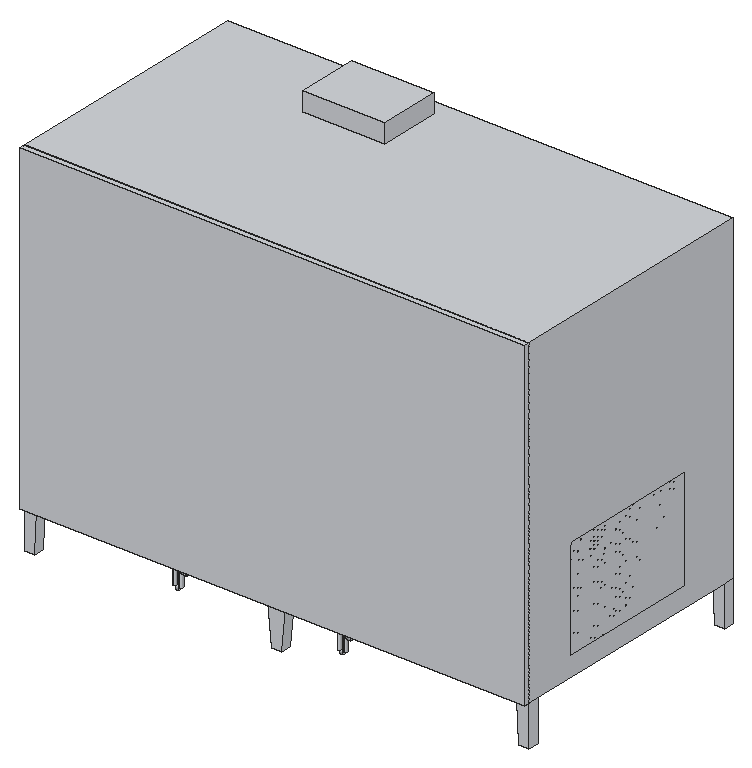
Revit family "AHU 9 _9", category Mechanické zařízení, Revit 2018
Family settings
  Kóta kulaté spojky = Použít průměr
  Typ dílu = Normální
  Číslo OmniClass = 23.75.00.00
  Nadpis OmniClass = Climate Control (HVAC)
  Založené na pracovní rovině = Ne
  Vždy vertikální = Ano
  Ořezat dutým tvarem při načtení = Ne
  Sdílené = Ne
  Bod výpočtu místnosti = Ne
Parameters (values of type "DUPLEXVENT 6500 Multi Eco")
  Width [instance] = 1.29 mm
  Weight [instance] = 572.00 kg
  URL = ""
  Type [instance] = "DUPLEXVENT 6500 Multi Eco"
  Total_SFP [instance] = 0
  Supply_outlet_hum [instance] = 90
  Supply_inlet_hum [instance] = 90
  Supply_ext_pressure [instance] = 0.0 Pa
  Supply_SFP [instance] = 0
  Source_adu_file [instance] = ""
  Recuperation_type [instance] = "Plate heat recovery exchanger"
  Recuperation_efficiency_EN308 [instance] = 0
  Project_name [instance] = ""
  Project_date [instance] = "10.8.2023"
  Power_supply_fusing [instance] = "0"
  Power_supply_cable [instance] = "0"
  Position [instance] = "AHU 9 "
  Phases_count [instance] = 3
  Panel_thickness [instance] = 0.06 mm
  Outer_surface [instance] = "RAL 9002"
  Length [instance] = 2.5 mm
  Insulation_type [instance] = "PUR"
  Insulation_thickness [instance] = 0.05 mm
  Installation_environment [instance] = ""
  Input_power_max [instance] = 6600 W
  Inner_surface [instance] = "Pozink"
  I2 [instance] = I1  # 0.0 L/s
  Height [instance] = 1.6 mm
  Exhaust_outlet_hum [instance] = 40
  Exhaust_inlet_hum [instance] = 40
  Exhaust_ext_pressure [instance] = 0.0 Pa
  Exhaust_SFP [instance] = 0
  E1 [instance] = E2 - M1  # 0.0 L/s
  E2 [instance] = 0.0 L/s
  I1 [instance] = 0.0 L/s
  Description = ""
  M1 [instance] = 0.0 L/s
  Device_dutypoint_version [instance] = "0"
  Device_design_version [instance] = "9"
  Device_adu_id [instance] = "9"
  Current_max [instance] = 10.8 A
  Casing_mat [instance] = "painted zinc layer"
  Cable type [instance] = "CYKY 5Jx2,5"
Reference planes
  plane 1 "Střed (vpředu/vzadu)": y = 0
  plane 2 "ref": z = 0
  plane 3 "Střed (vlevo/vpravo)": x = 0
Forms (mm)
  Sweep 1, solid
    path origin (0, 0, 0) x (0, 0, 1) y (1, 0, 0)
      loop
        line (0, 0) -> (1600, 0)
    profile origin (0, 0, 0) x (1, 0, 0) y (0, 1, 0)
      loop
        line (0, 0) -> (2500, 0) -> (2500, 1260) -> (0, 1260) -> (0, 0)
  Sweep 2, solid
    path origin (0, 0, 0) x (0, 0, 1) y (1, 0, 0)
      loop
        line (0, 0) -> (1600, 0)
    profile origin (0, 0, 0) x (1, 0, 0) y (0, 1, 0)
      loop
        line (0, 0) -> (0, -30) -> (2500, -30) -> (2500, 0) -> (0, 0)
  Sweep 3, solid
    path origin (1, 610, 350) x (0, 1, 0) y (-1, 0, 0)
      loop
        line (0, 0) -> (0, 1)
    profile origin (1, 610, 350) x (0, -1, 0) y (0, 0, 1)
      loop
        line (-350, -250) -> (350, -250) -> (350, 250) -> (-350, 250) -> (-350, -250)
  Sweep 4, solid
    path origin (2499, 635, 1190) x (1, 0, 0) y (0, 1, 0)
      loop
        line (0, 0) -> (1, 0)
    profile origin (2499, 635, 1190) x (0, 1, 0) y (0, 0, 1)
      loop
        line (-450, 355) -> (-450, -355) -> (450, -355) -> (450, 355) -> (-450, 355)
  Sweep 5, solid
    path origin (2499, 610, 350) x (1, 0, 0) y (0, 1, 0)
      loop
        line (0, 0) -> (1, 0)
    profile origin (2499, 610, 350) x (0, 1, 0) y (0, 0, 1)
      loop
        line (-350, 250) -> (-350, -250) -> (350, -250) -> (350, 250) -> (-350, 250)
  Sweep 6, solid
    path origin (1, 635, 1190) x (0, 1, 0) y (-1, 0, 0)
      loop
        line (0, 0) -> (0, 1)
    profile origin (1, 635, 1190) x (0, -1, 0) y (0, 0, 1)
      loop
        line (-450, -355) -> (450, -355) -> (450, 355) -> (-450, 355) -> (-450, -355)
  Sweep 7, solid
    path origin (1500, 75, 0) x (0, -1, 0) y (0, 0, 1)
      loop
        line (0, 0) -> (0, -142)
    profile origin (1500, 75, 0) x (-1, 0, 0) y (0, -1, 0)
      loop
        circle (0, 0) r 8
  Sweep 8, solid
    path origin (1508, 75, -150) x (0, 0, -1) y (1, 0, 0)
      loop
        line (0, 0) -> (0, 14)
    profile origin (1508, 75, -150) x (0, 0, 1) y (0, -1, 0)
      loop
        circle (0, 0) r 8
  Sweep 9, solid
    path origin (1530, 75, -142) x (0, -1, 0) y (0, 0, 1)
      loop
        line (0, 0) -> (0, 59)
    profile origin (1530, 75, -142) x (0, 1, 0) y (-1, 0, 0)
      loop
        circle (0, 0) r 8
  Sweep 10, solid
    path origin (1538, 75, -75) x (0, 0, -1) y (1, 0, 0)
      loop
        line (0, 0) -> (0, 22)
    profile origin (1538, 75, -75) x (0, 0, 1) y (0, -1, 0)
      loop
        circle (0, 0) r 8
  Sweep 11, solid
    path origin (685, 75, 0) x (0, -1, 0) y (0, 0, 1)
      loop
        line (0, 0) -> (0, -142)
    profile origin (685, 75, 0) x (-1, 0, 0) y (0, -1, 0)
      loop
        circle (0, 0) r 8
  Sweep 12, solid
    path origin (694, 75, -150) x (0, 0, -1) y (1, 0, 0)
      loop
        line (0, 0) -> (0, 14)
    profile origin (694, 75, -150) x (0, 0, 1) y (0, -1, 0)
      loop
        circle (0, 0) r 8
  Sweep 13, solid
    path origin (716, 75, -142) x (0, -1, 0) y (0, 0, 1)
      loop
        line (0, 0) -> (0, 59)
    profile origin (716, 75, -142) x (0, 1, 0) y (-1, 0, 0)
      loop
        circle (0, 0) r 8
  Sweep 14, solid
    path origin (724, 75, -75) x (0, 0, -1) y (1, 0, 0)
      loop
        line (0, 0) -> (0, 22)
    profile origin (724, 75, -75) x (0, 0, 1) y (0, -1, 0)
      loop
        circle (0, 0) r 8
  Sweep 15, solid
    path origin (0, 0, 0) x (0, 0, 1) y (1, 0, 0)
      loop
        line (0, 0) -> (1600, 0)
    profile origin (0, 0, 0) x (1, 0, 0) y (0, 1, 0)
      loop
        line (0, -30) -> (2500, -30) -> (2500, -5) -> (0, -5) -> (0, -30)
  Sweep 16, solid
    path origin (25, 50, 0) x (1, 0, 0) y (0, 1, 0)
      loop
        line (0, 0) -> (0, -50)
    profile origin (25, 50, 0) x (1, 0, 0) y (0, 0, 1)
      loop
        line (-25, 0) -> (-25, -200) -> (25, -200) -> (35, 0) -> (-25, 0)
  Sweep 17, solid
    path origin (2475, 50, 0) x (1, 0, 0) y (0, 1, 0)
      loop
        line (0, 0) -> (0, -50)
    profile origin (2475, 50, 0) x (1, 0, 0) y (0, 0, 1)
      loop
        line (-35, 0) -> (-25, -200) -> (25, -200) -> (25, 0) -> (-35, 0)
  Sweep 18, solid
    path origin (25, 1260, 0) x (1, 0, 0) y (0, 1, 0)
      loop
        line (0, 0) -> (0, -50)
    profile origin (25, 1260, 0) x (1, 0, 0) y (0, 0, 1)
      loop
        line (-25, 0) -> (-25, -200) -> (25, -200) -> (35, 0) -> (-25, 0)
  Sweep 19, solid
    path origin (2475, 1260, 0) x (1, 0, 0) y (0, 1, 0)
      loop
        line (0, 0) -> (0, -50)
    profile origin (2475, 1260, 0) x (1, 0, 0) y (0, 0, 1)
      loop
        line (-35, 0) -> (-25, -200) -> (25, -200) -> (25, 0) -> (-35, 0)
  Sweep 20, solid
    path origin (1250, 50, 0) x (1, 0, 0) y (0, 1, 0)
      loop
        line (0, 0) -> (0, -50)
    profile origin (1250, 50, 0) x (1, 0, 0) y (0, 0, 1)
      loop
        line (-45, 0) -> (-25, -200) -> (25, -200) -> (45, 0) -> (-45, 0)
  Sweep 21, solid
    path origin (1250, 1260, 0) x (1, 0, 0) y (0, 1, 0)
      loop
        line (0, 0) -> (0, -50)
    profile origin (1250, 1260, 0) x (1, 0, 0) y (0, 0, 1)
      loop
        line (-45, 0) -> (-25, -200) -> (25, -200) -> (45, 0) -> (-45, 0)
  Sweep 22, solid
    path origin (0, 0, 1600) x (0, 0, 1) y (1, 0, 0)
      loop
        line (0, 0) -> (90, 0)
    profile origin (0, 0, 1600) x (1, 0, 0) y (0, 1, 0)
      loop
        line (675, 878) -> (1080, 878) -> (1080, 1183) -> (675, 1183) -> (675, 878)
  Sweep 23, solid
    path origin (675, 1030, 1645) x (0, 0, -1) y (1, 0, 0)
      loop
        line (0, 0) -> (0, -1)
    profile origin (675, 1030, 1645) x (0, 0, -1) y (0, -1, 0)
      loop
        circle (0, 0) r 10
Lines and regions (mm)
  model lines, style "Symbol"
    curve 1: line (1025, -30, 0) -> (1025, -30, 320)
    curve 2: line (1025, -30, 1600) -> (1025, -30, 1280)
    curve 3: line (0, -30, 800) -> (545, -30, 800)
    curve 4: line (2500, -30, 800) -> (1505, -30, 800)
    curve 5: line (545, -30, 800) -> (785, -30, 1280)
    curve 6: line (785, -30, 1280) -> (1265, -30, 1280)
    curve 7: line (1265, -30, 1280) -> (1505, -30, 800)
    curve 8: line (1505, -30, 800) -> (1265, -30, 320)
    curve 9: line (1265, -30, 320) -> (1025, -30, 320)
    curve 10: line (1025, -30, 320) -> (785, -30, 320)
    curve 11: line (785, -30, 320) -> (545, -30, 800)
    curve 12: line (2148, -30, 1314) -> (2404, -30, 1270)
    curve 13: line (2148, -30, 1086) -> (2404, -30, 1130)
    curve 14: line (352, -30, 1086) -> (96, -30, 1130)
    curve 15: line (352, -30, 1314) -> (96, -30, 1270)
    curve 16: line (50, -30, 160) -> (50, -30, 640)
    curve 17: line (50, -30, 640) -> (200, -30, 640)
    curve 18: line (200, -30, 640) -> (200, -30, 160)
    curve 19: line (200, -30, 160) -> (50, -30, 160)
    curve 20: line (125, -30, 160) -> (200, -30, 400)
    curve 21: line (125, -30, 640) -> (200, -30, 400)
    curve 22: line (2450, -30, 640) -> (2450, -30, 160)
    curve 23: line (2450, -30, 160) -> (2300, -30, 160)
    curve 24: line (2300, -30, 160) -> (2300, -30, 640)
    curve 25: line (2300, -30, 640) -> (2450, -30, 640)
    curve 26: line (2375, -30, 640) -> (2300, -30, 400)
    curve 27: line (2375, -30, 160) -> (2300, -30, 400)
    curve 28: line (698, -30, 280) -> (480, -30, 708)
    curve 29: line (480, -30, 708) -> (552, -30, 744)
    curve 30: line (552, -30, 744) -> (770, -30, 316)
    curve 31: line (770, -30, 316) -> (698, -30, 280)
    curve 32: line (567, -30, 554) -> (595, -30, 641)
    curve 33: line (655, -30, 383) -> (683, -30, 470)
    curve 34: line (0, -1350, 0) -> (0, -30, 0)
    curve 35: line (2500, -1350, 0) -> (2500, -30, 0)
    curve 36: line (0, -1350, 0) -> (2500, -1350, 0)
    curve 37: line (0, -1350, 1600) -> (0, -30, 1600)
    curve 38: line (2500, -1350, 1600) -> (2500, -30, 1600)
    curve 39: line (0, -1350, 1600) -> (2500, -1350, 1600)
    curve 40: line (0, -1350, 0) -> (0, -1350, 1600)
    curve 41: line (2500, -1350, 0) -> (2500, -1350, 1600)
    curve 42: line (0, -1350, 1400) -> (200, -1350, 1600)
    curve 43: line (0, -1350, 1200) -> (400, -1350, 1600)
    curve 44: line (0, -1350, 1000) -> (600, -1350, 1600)
    curve 45: line (0, -1350, 800) -> (800, -1350, 1600)
    curve 46: line (0, -1350, 600) -> (1000, -1350, 1600)
    curve 47: line (0, -1350, 400) -> (1200, -1350, 1600)
    curve 48: line (0, -1350, 200) -> (1400, -1350, 1600)
    curve 49: line (0, -1350, 0) -> (1600, -1350, 1600)
    curve 50: line (200, -1350, 0) -> (1800, -1350, 1600)
    curve 51: line (400, -1350, 0) -> (2000, -1350, 1600)
    curve 52: line (600, -1350, 0) -> (2200, -1350, 1600)
    curve 53: line (800, -1350, 0) -> (2400, -1350, 1600)
    curve 54: line (1000, -1350, 0) -> (2500, -1350, 1500)
    curve 55: line (1200, -1350, 0) -> (2500, -1350, 1300)
    curve 56: line (1400, -1350, 0) -> (2500, -1350, 1100)
    curve 57: line (1600, -1350, 0) -> (2500, -1350, 900)
    curve 58: line (1800, -1350, 0) -> (2500, -1350, 700)
    curve 59: line (2000, -1350, 0) -> (2500, -1350, 500)
    curve 60: line (2200, -1350, 0) -> (2500, -1350, 300)
    curve 61: line (2400, -1350, 0) -> (2500, -1350, 100)
    curve 62: line (2500, -1350, 1400) -> (2500, -1150, 1600)
    curve 63: line (2500, -1350, 1200) -> (2500, -950, 1600)
    curve 64: line (2500, -1350, 1000) -> (2500, -750, 1600)
    curve 65: line (2500, -1350, 800) -> (2500, -550, 1600)
    curve 66: line (2500, -1350, 600) -> (2500, -350, 1600)
    curve 67: line (2500, -1350, 400) -> (2500, -150, 1600)
    curve 68: line (2500, -1350, 200) -> (2500, -30, 1520)
    curve 69: line (2500, -1350, 0) -> (2500, -30, 1320)
    curve 70: line (2500, -1150, 0) -> (2500, -30, 1120)
    curve 71: line (2500, -950, 0) -> (2500, -30, 920)
    curve 72: line (2500, -750, 0) -> (2500, -30, 720)
    curve 73: line (2500, -550, 0) -> (2500, -30, 520)
    curve 74: line (2500, -350, 0) -> (2500, -30, 320)
    curve 75: line (2500, -150, 0) -> (2500, -30, 120)
    curve 76: line (0, -1150, 1600) -> (200, -1350, 1600)
    curve 77: line (0, -950, 1600) -> (400, -1350, 1600)
    curve 78: line (0, -750, 1600) -> (600, -1350, 1600)
    curve 79: line (0, -550, 1600) -> (800, -1350, 1600)
    curve 80: line (0, -350, 1600) -> (1000, -1350, 1600)
    curve 81: line (0, -150, 1600) -> (1200, -1350, 1600)
    curve 82: line (80, -30, 1600) -> (1400, -1350, 1600)
    curve 83: line (280, -30, 1600) -> (1600, -1350, 1600)
    curve 84: line (480, -30, 1600) -> (1800, -1350, 1600)
    curve 85: line (680, -30, 1600) -> (2000, -1350, 1600)
    curve 86: line (880, -30, 1600) -> (2200, -1350, 1600)
    curve 87: line (1080, -30, 1600) -> (2400, -1350, 1600)
    curve 88: line (1280, -30, 1600) -> (2500, -1250, 1600)
    curve 89: line (1480, -30, 1600) -> (2500, -1050, 1600)
    curve 90: line (1680, -30, 1600) -> (2500, -850, 1600)
    curve 91: line (1880, -30, 1600) -> (2500, -650, 1600)
    curve 92: line (2080, -30, 1600) -> (2500, -450, 1600)
    curve 93: line (2280, -30, 1600) -> (2500, -250, 1600)
    curve 94: line (2480, -30, 1600) -> (2500, -50, 1600)
    curve 95: line (0, 0, 2320) -> (0, 0, 1600)
    curve 96: line (2500, 0, 2320) -> (2500, 0, 1600)
    curve 97: line (0, 0, 2320) -> (2500, 0, 2320)
    curve 98: line (0, 1260, 2320) -> (0, 1260, 1600)
    curve 99: line (2500, 1260, 2320) -> (2500, 1260, 1600)
    curve 100: line (0, 1260, 2320) -> (2500, 1260, 2320)
    curve 101: line (0, 0, 2320) -> (0, 1260, 2320)
    curve 102: line (2500, 0, 2320) -> (2500, 1260, 2320)
    curve 103: line (0, 1060, 2320) -> (200, 1260, 2320)
    curve 104: line (0, 860, 2320) -> (400, 1260, 2320)
    curve 105: line (0, 660, 2320) -> (600, 1260, 2320)
    curve 106: line (0, 460, 2320) -> (800, 1260, 2320)
    curve 107: line (0, 260, 2320) -> (1000, 1260, 2320)
    curve 108: line (0, 60, 2320) -> (1200, 1260, 2320)
    curve 109: line (140, 0, 2320) -> (1400, 1260, 2320)
    curve 110: line (340, 0, 2320) -> (1600, 1260, 2320)
    curve 111: line (540, 0, 2320) -> (1800, 1260, 2320)
    curve 112: line (740, 0, 2320) -> (2000, 1260, 2320)
    curve 113: line (940, 0, 2320) -> (2200, 1260, 2320)
    curve 114: line (1140, 0, 2320) -> (2400, 1260, 2320)
    curve 115: line (1340, 0, 2320) -> (2500, 1160, 2320)
    curve 116: line (1540, 0, 2320) -> (2500, 960, 2320)
    curve 117: line (1740, 0, 2320) -> (2500, 760, 2320)
    curve 118: line (1940, 0, 2320) -> (2500, 560, 2320)
    curve 119: line (2140, 0, 2320) -> (2500, 360, 2320)
    curve 120: line (2340, 0, 2320) -> (2500, 160, 2320)
    curve 121: line (2500, 1060, 2320) -> (2500, 1260, 2120)
    curve 122: line (2500, 860, 2320) -> (2500, 1260, 1920)
    curve 123: line (2500, 660, 2320) -> (2500, 1260, 1720)
    curve 124: line (2500, 460, 2320) -> (2500, 1180, 1600)
    curve 125: line (2500, 260, 2320) -> (2500, 980, 1600)
    curve 126: line (2500, 60, 2320) -> (2500, 780, 1600)
    curve 127: line (2500, 0, 2180) -> (2500, 580, 1600)
    curve 128: line (2500, 0, 1980) -> (2500, 380, 1600)
    curve 129: line (2500, 0, 1780) -> (2500, 180, 1600)
    curve 130: line (0, 1260, 2120) -> (200, 1260, 2320)
    curve 131: line (0, 1260, 1920) -> (400, 1260, 2320)
    curve 132: line (0, 1260, 1720) -> (600, 1260, 2320)
    curve 133: line (80, 1260, 1600) -> (800, 1260, 2320)
    curve 134: line (280, 1260, 1600) -> (1000, 1260, 2320)
    curve 135: line (480, 1260, 1600) -> (1200, 1260, 2320)
    curve 136: line (680, 1260, 1600) -> (1400, 1260, 2320)
    curve 137: line (880, 1260, 1600) -> (1600, 1260, 2320)
    curve 138: line (1080, 1260, 1600) -> (1800, 1260, 2320)
    curve 139: line (1280, 1260, 1600) -> (2000, 1260, 2320)
    curve 140: line (1480, 1260, 1600) -> (2200, 1260, 2320)
    curve 141: line (1680, 1260, 1600) -> (2400, 1260, 2320)
    curve 142: line (1880, 1260, 1600) -> (2500, 1260, 2220)
    curve 143: line (2080, 1260, 1600) -> (2500, 1260, 2020)
    curve 144: line (2280, 1260, 1600) -> (2500, 1260, 1820)
    curve 145: line (2480, 1260, 1600) -> (2500, 1260, 1620)
    curve 146: line (0, 1260, -200) -> (0, 1260, 0)
    curve 147: line (2500, 1260, -200) -> (2500, 1260, 0)
    curve 148: line (0, 1260, -200) -> (2500, 1260, -200)
    curve 149: line (0, 0, -200) -> (0, 0, 0)
    curve 150: line (2500, 0, -200) -> (2500, 0, 0)
    curve 151: line (0, 0, -200) -> (2500, 0, -200)
    curve 152: line (0, 1260, -200) -> (0, 0, -200)
    curve 153: line (2500, 1260, -200) -> (2500, 0, -200)
    curve 154: line (0, 200, -200) -> (200, 0, -200)
    curve 155: line (0, 400, -200) -> (400, 0, -200)
    curve 156: line (0, 600, -200) -> (600, 0, -200)
    curve 157: line (0, 800, -200) -> (800, 0, -200)
    curve 158: line (0, 1000, -200) -> (1000, 0, -200)
    curve 159: line (0, 1200, -200) -> (1200, 0, -200)
    curve 160: line (140, 1260, -200) -> (1400, 0, -200)
    curve 161: line (340, 1260, -200) -> (1600, 0, -200)
    curve 162: line (540, 1260, -200) -> (1800, 0, -200)
    curve 163: line (740, 1260, -200) -> (2000, 0, -200)
    curve 164: line (940, 1260, -200) -> (2200, 0, -200)
    curve 165: line (1140, 1260, -200) -> (2400, 0, -200)
    curve 166: line (1340, 1260, -200) -> (2500, 100, -200)
    curve 167: line (1540, 1260, -200) -> (2500, 300, -200)
    curve 168: line (1740, 1260, -200) -> (2500, 500, -200)
    curve 169: line (1940, 1260, -200) -> (2500, 700, -200)
    curve 170: line (2140, 1260, -200) -> (2500, 900, -200)
    curve 171: line (2340, 1260, -200) -> (2500, 1100, -200)
    curve 172: line (2500, 200, -200) -> (2500, 0, 0)
    curve 173: line (2500, 400, -200) -> (2500, 200, 0)
    curve 174: line (2500, 600, -200) -> (2500, 400, 0)
    curve 175: line (2500, 800, -200) -> (2500, 600, 0)
    curve 176: line (2500, 1000, -200) -> (2500, 800, 0)
    curve 177: line (2500, 1200, -200) -> (2500, 1000, 0)
    curve 178: line (2500, 1260, -60) -> (2500, 1200, 0)
    curve 179: line (0, 0, 0) -> (200, 0, -200)
    curve 180: line (200, 0, 0) -> (400, 0, -200)
    curve 181: line (400, 0, 0) -> (600, 0, -200)
    curve 182: line (600, 0, 0) -> (800, 0, -200)
    curve 183: line (800, 0, 0) -> (1000, 0, -200)
    curve 184: line (1000, 0, 0) -> (1200, 0, -200)
    curve 185: line (1200, 0, 0) -> (1400, 0, -200)
    curve 186: line (1400, 0, 0) -> (1600, 0, -200)
    curve 187: line (1600, 0, 0) -> (1800, 0, -200)
    curve 188: line (1800, 0, 0) -> (2000, 0, -200)
    curve 189: line (2000, 0, 0) -> (2200, 0, -200)
    curve 190: line (2200, 0, 0) -> (2400, 0, -200)
    curve 191: line (2400, 0, 0) -> (2500, 0, -100)
    curve 192: line (0, -30, 0) -> (0, -30, 1600)
    curve 193: line (0, -30, 1600) -> (1120, -30, 1600)
    curve 194: line (1120, -30, 1600) -> (1120, -30, 0)
    curve 195: line (1120, -30, 0) -> (0, -30, 0)
    curve 196: line (1380, -30, 0) -> (1380, -30, 1600)
    curve 197: line (1380, -30, 1600) -> (2500, -30, 1600)
    curve 198: line (2500, -30, 1600) -> (2500, -30, 0)
    curve 199: line (2500, -30, 0) -> (1380, -30, 0)
    curve 200: line (0, -30, 0) -> (2500, -30, 0)
    curve 201: line (0, -30, 1600) -> (2500, -30, 1600)
    curve 202: line (0, -30, 0) -> (0, -30, 1600)
    curve 203: line (2500, -30, 0) -> (2500, -30, 1600)
    curve 204: line (0, -30, 0) -> (0, -5, 0)
    curve 205: line (2500, -30, 0) -> (2500, -5, 0)
    curve 206: line (0, -30, 1600) -> (0, -5, 1600)
    curve 207: line (2500, -30, 1600) -> (2500, -5, 1600)
    curve 208: circle (2260, -30, 1200) r 160 normal (0, -1, 0)
    curve 209: circle (240, -30, 1200) r 160 normal (0, -1, 0)
    curve 210: circle (581, -30, 598) r 12 normal (0, -1, 0)
    curve 211: circle (669, -30, 426) r 12 normal (0, -1, 0)
    curve 212: circle (1500, 75, 0) r 8 normal (0, 0, -1)
    curve 213: circle (1500, 75, -142) r 8 normal (0, 0, -1)
    curve 214: circle (685, 75, 0) r 8 normal (0, 0, -1)
    curve 215: circle (685, 75, -142) r 8 normal (0, 0, -1)
Dimensions and locks
  aligned and locked: level to plane 2 "ref"
Connectors
  hvac at (0, 610, 350), driven by "E1"
    settings: on Sweep 3, index 1, duct flow 0.0 L/s, flow factor 0, pres drop 0.0 Pa, loss coef 0, conn angle 0.00°, conn width 700 mm, conn height 500 mm, conn diameter 609.6 mm, duct sys type 1, conn prof type 1, flow config 1, flow direction 1, loss method 0, conn ref index -1, conn util no, is conn primary yes, conn desc ""
  hvac at (2500, 635, 1190), driven by "E2"
    settings: on Sweep 4, index 2, duct flow 0.0 L/s, flow factor 1, pres drop 0.0 Pa, loss coef 0, conn angle 0.00°, conn width 900 mm, conn height 710 mm, conn diameter 609.6 mm, duct sys type 1, conn prof type 1, flow config 2, flow direction 2, loss method 0, conn ref index -1, conn util no, is conn primary no, conn desc ""
  hvac at (2500, 610, 350), driven by "I1"
    settings: on Sweep 5, index 3, duct flow 0.0 L/s, flow factor 1, pres drop 0.0 Pa, loss coef 0, conn angle 0.00°, conn width 700 mm, conn height 500 mm, conn diameter 609.6 mm, duct sys type 3, conn prof type 1, flow config 2, flow direction 1, loss method 0, conn ref index -1, conn util no, is conn primary no, conn desc ""
  hvac at (0, 635, 1190), driven by "I2"
    settings: on Sweep 6, index 4, duct flow 0.0 L/s, flow factor 0, pres drop 0.0 Pa, loss coef 0, conn angle 0.00°, conn width 900 mm, conn height 710 mm, conn diameter 609.6 mm, duct sys type 3, conn prof type 1, flow config 1, flow direction 2, loss method 0, conn ref index -1, conn util no, is conn primary no, conn desc ""
  piping at (1560, 75, -75), diameter 40
    settings: on Sweep 10, index 5, connector inside diameter 609.6 mm, connector length 0 mm, flow factor 0, pipe flow 0.0 L/s, pressure drop 0.0 Pa, fitting loss kfactor 0, connector angle 0.00°, fixture units 0, engagement length 0 mm, angle of deflection 0.00°, flow configuration 1, flow direction 2, fitting loss method 0, system type 16, joint type 0, gender type 0, connector reference index -1, connector utility 0, adjustable connector no, is connector primary yes, connector description ""
  piping at (746, 75, -75), diameter 40
    settings: on Sweep 14, index 6, connector inside diameter 609.6 mm, connector length 0 mm, flow factor 0, pipe flow 0.0 L/s, pressure drop 0.0 Pa, fitting loss kfactor 0, connector angle 0.00°, fixture units 0, engagement length 0 mm, angle of deflection 0.00°, flow configuration 1, flow direction 2, fitting loss method 0, system type 16, joint type 0, gender type 0, connector reference index -1, connector utility 0, adjustable connector no, is connector primary no, connector description ""
  electrical at (674, 1030, 1645)
    settings: on Sweep 23, index 7, voltage 400 V, apparent load 0 VA, apparent load phase1 0 VA, apparent load phase2 0 VA, apparent load phase3 0 VA, power factor 1, load classification "Další", number of poles 3, system type 31, power factor state 1, is connector primary yes, connector utility no, sub classification motor no, connector description ""
